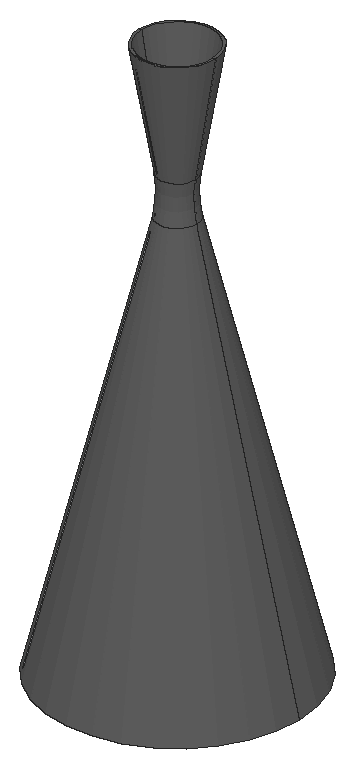
Revit family "PEN SHADE", category Lighting Fixtures, Revit 2024
Family settings
  Round Connector Dimension = Use Diameter
  Part Type = Normal
  OmniClass Number = 23.80.70.00
  OmniClass Title = Lighting
  Work Plane-Based = No
  Always vertical = Yes
  Cut with Voids When Loaded = No
  Light Source = Yes
  Maintain Annotation Orientation = No
  Shared = No
  Room Calculation Point = No
Parameters
  Wattage = 12.1178 W
  built-in parameter 1150110 = 1 (stored number, unit not read)
  built-in parameter 1114217 = 1 (stored number, unit not read)
  built-in parameter 1150109 = 1 (stored number, unit not read)
  built-in parameter 1150134 = (empty or 0)
  built-in parameter 1150113 = 1 (stored number, unit not read)
  Lumens = 1800 lm
  built-in parameter 1150115 = 1 (stored number, unit not read)
  built-in parameter 1150105 = 572.96 (stored number, unit not read)
  Light Source Symbol Size = 2' - 0"
  built-in parameter 1150137 = (empty or 0)
  built-in parameter 1150139 = (empty or 0)
  built-in parameter 1150112 = 1 (stored number, unit not read)
  built-in parameter 1150114 = 1 (stored number, unit not read)
  built-in parameter 1150132 = 2
  built-in parameter 1150102 = (empty or 0)
  built-in parameter 1150138 = (empty or 0)
  built-in parameter 1150107 = 3000 (stored number, unit not read)
  built-in parameter 1150106 = 5.7296 (stored number, unit not read)
  built-in parameter 1150104 = 13.8 (stored number, unit not read)
  Dimming Lamp Color Temperature Shift = (empty or 0)
  Default Elevation = 0' - 0"
  Color Filter = 16777215
  built-in parameter 1114218 = 1 (stored number, unit not read)
  built-in parameter 1150133 = 10 (stored number, unit not read)
Reference planes (in)
  plane 1 "Light Source Axis (F/B)": y = 0
  plane 2: z = 0
  plane 3 "Light Source Axis (L/R)": x = 0
  plane 4 "Light Source Elevation": z = 54
Forms (in)
  Revolve 1, solid
    sketch origin (0, 0, 0) x (1, 0, 0) y (0, 0, 1)
      loop
        arc (-0.77122, 73.09077) -> (-0.71496, 72.25342) -> (-0.83464, 71.42277) r 4
        line (-0.83464, 71.42277) -> (-5.25, 54) -> (-5.15329, 54) -> (-0.74376, 71.39973)
        arc (-0.74376, 71.39973) -> (-0.66685, 71.77692) -> (-0.6257, 72.15967) r 4.09375
        line (-0.6257, 72.15967) -> (-0.25, 72.15967) -> (-0.25, 72.25342) -> (-0.62114, 72.25342)
        arc (-0.62114, 72.25342) -> (-0.62765, 72.68164) -> (-0.67886, 73.10683) r 4.09375
        line (-0.67886, 73.10683) -> (-1.52984, 78) -> (-1.625, 78) -> (-0.77122, 73.09077)
      axis (0, 78) -> (0, 54)
    angle from 0 to 360
Dimensions and locks (in)
  aligned and locked: plane 3 "Light Source Axis (L/R)" to imposter light
  aligned and locked: plane 1 "Light Source Axis (F/B)" to imposter light
  aligned and locked: plane 4 "Light Source Elevation" to imposter light
  aligned and locked: level to plane 2
